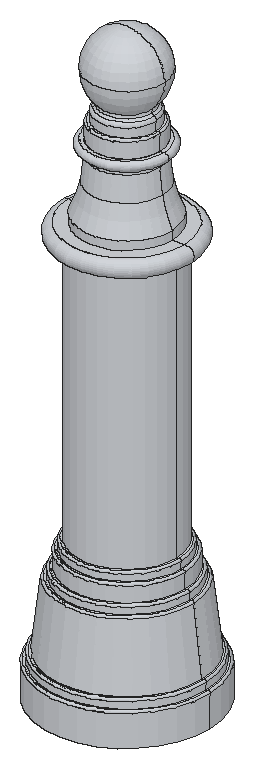
Revit family
Parameters (values of type "SBS 001.5")
  Width = 1' - 2"
  URL = "www.strombergarchitectural.com"
  Top Material = GFRC
  Submittal Sheet = "www.strombergarchitectural.com/images/materials/gfrc/submittal/gfrc-submittal-sheet.pdf"
  Specifications = "www.strombergarchitectural.com/gfrcspecifications"
  Model Cut-sheet = "www.strombergarchitectural.com/products/bollards/design/SBS-001"
  Model = "SBS 001"
  Manufacturer = "Stromberg Architectural Products"
  Guidebook = "www.strombergarchitectural.com/images/materials/gfrc/handbooks/gfrc_guidebook.pdf"
  Frame Material = none
  Description = "GFRC Bollard"
  Assembly Code = ""
  Height = 4' - 0"
  XXX.5 = yes
  XXX.4 = no
  XXX.3 = no
  XXX.2 = no
  XXX.1 = no
Types (6): name | Width | Guidebook | Height | XXX.5 | XXX.4 | XXX.3 | XXX.2 | XXX.1
  (no name) | 1' - 2" | "www.strombergarchitectural.com/images/materials/gfrc/handbooks/gfrc_guidebook.pdf" | 4' - 0" | yes | no | no | no | no
  SBS 001.3 | 0' - 10" | "www.strombergarchitectural.com/images/materials/gfrc/handbooks/gfrc_guidebook.pdf" | 3' - 0" | no | no | yes | no | no
  SBS 001.1 | 0' - 7" | "www.strombergarchitectural.com/images/materials/gfrc/handbooks/gfrc_guidebook.pdf   \r\n(http://www.strombergarchitectural.com/images/materials/gfrc/handbooks/gfrc_guidebook.pdf" | 2' - 0" | no | no | no | no | yes
  SBS 001.2 | 0' - 9" | "www.strombergarchitectural.com/images/materials/gfrc/handbooks/gfrc_guidebook.pdf" | 2' - 6" | no | no | no | yes | no
  SBS 001.4 | 1' - 0" | "www.strombergarchitectural.com/images/materials/gfrc/handbooks/gfrc_guidebook.pdf" | 3' - 6" | no | yes | no | no | no
  SBS 001.5 | 1' - 2" | "www.strombergarchitectural.com/images/materials/gfrc/handbooks/gfrc_guidebook.pdf" | 4' - 0" | yes | no | no | no | no
Reference planes (in)
  plane 1 "Center (Front/Back)": y = 3.74847
  plane 2: z = 0
  plane 3 "Center (Left/Right)": x = 0.7278
  plane 4 "Front": y = -3.25153
  plane 5 "Back": y = 10.74847
Forms (in)
  Revolve 1, solid, visible <- "XXX.1"
    sketch origin (0, 3.74847, 0) x (1, 0, 0) y (0, 0, 1)
      loop
        arc (0.7278, 23.99856) -> (-0.3328, 23.55925) -> (-0.77211, 22.49865) r 1.49991
        arc (-0.77211, 22.49865) -> (-0.64348, 21.89092) -> (-0.27964, 21.38743) r 1.49991
        arc (-0.27964, 21.38743) -> (-0.27223, 21.3258) -> (-0.28332, 21.26472) r 0.20832
        arc (-0.28332, 21.26472) -> (-0.31191, 21.20963) -> (-0.35547, 21.1654) r 0.20832
        arc (-0.35547, 21.1654) -> (-0.4168, 21.0919) -> (-0.4388, 20.99874) r 0.20832
        line (-0.4388, 20.99874) -> (-0.4388, 20.66543) -> (-0.53879, 20.66543)
        arc (-0.53879, 20.66543) -> (-0.58593, 20.6459) -> (-0.60545, 20.59876) r 0.06666
        line (-0.60545, 20.59876) -> (-0.60545, 19.9988) -> (-0.64382, 19.9988) -> (-0.77211, 19.9988)
        arc (-0.77211, 19.9988) -> (-0.93877, 19.83214) -> (-0.77211, 19.66549) r 0.16666
        line (-0.77211, 19.66549) -> (-0.60545, 19.66549) -> (-0.60545, 19.4221)
        arc (-0.60545, 19.4221) -> (-0.63931, 18.94312) -> (-0.71783, 18.4694) r 5.12765
        arc (-0.71783, 18.4694) -> (-0.87821, 17.88946) -> (-1.10542, 17.33229) r 5.12765
        line (-1.10542, 17.33229) -> (-1.10542, 16.99898) -> (-1.60539, 16.99898)
        arc (-1.60539, 16.99898) -> (-1.93871, 16.66567) -> (-1.60539, 16.33235) r 0.33331
        line (-1.60539, 16.33235) -> (-1.27208, 16.33235) -> (-1.27208, 5.66633) -> (-1.35874, 5.66633)
        arc (-1.35874, 5.66633) -> (-1.41531, 5.6429) -> (-1.43874, 5.58633) r 0.08
        line (-1.43874, 5.58633) -> (-1.43874, 5.33301) -> (-1.5254, 5.33301)
        arc (-1.5254, 5.33301) -> (-1.58196, 5.30958) -> (-1.60539, 5.25302) r 0.08
        line (-1.60539, 5.25302) -> (-1.60539, 4.66639) -> (-1.69205, 4.66639)
        arc (-1.69205, 4.66639) -> (-1.74862, 4.64296) -> (-1.77205, 4.58639) r 0.08
        line (-1.77205, 4.58639) -> (-1.77205, 4.33307) -> (-1.86809, 4.33307)
        arc (-1.86809, 4.33307) -> (-1.92103, 4.31305) -> (-1.94747, 4.263) r 0.08
        line (-1.94747, 4.263) -> (-2.27202, 1.66657) -> (-2.35868, 1.66657)
        arc (-2.35868, 1.66657) -> (-2.41525, 1.64314) -> (-2.43868, 1.58657) r 0.08
        line (-2.43868, 1.58657) -> (-2.43868, 1.33325) -> (-2.52534, 1.33325)
        arc (-2.52534, 1.33325) -> (-2.5819, 1.30982) -> (-2.60533, 1.25326) r 0.08
        line (-2.60533, 1.25326) -> (-2.60533, 0) -> (0.7278, 0) -> (0.7278, 23.99856)
      axis (0.7278, 23.99856) -> (0.7278, 0)
    angle from 0 to 360
  Revolve 2, solid, visible <- "XXX.2"
    sketch origin (0, 3.74847, 0) x (1, 0, 0) y (0, 0, 1)
      loop
        arc (0.7278, 30.02896) -> (-0.5993, 29.47926) -> (-1.14901, 28.15215) r 1.87681
        arc (-1.14901, 28.15215) -> (-0.98805, 27.39171) -> (-0.53279, 26.76171) r 1.87681
        arc (-0.53279, 26.76171) -> (-0.52352, 26.68459) -> (-0.5374, 26.60816) r 0.26067
        arc (-0.5374, 26.60816) -> (-0.57317, 26.53922) -> (-0.62767, 26.48388) r 0.26067
        arc (-0.62767, 26.48388) -> (-0.70442, 26.39192) -> (-0.73194, 26.27534) r 0.26067
        line (-0.73194, 26.27534) -> (-0.73194, 25.85827) -> (-0.85706, 25.85827)
        arc (-0.85706, 25.85827) -> (-0.91604, 25.83384) -> (-0.94048, 25.77486) r 0.08341
        line (-0.94048, 25.77486) -> (-0.94048, 25.02414) -> (-0.98848, 25.02414) -> (-1.14901, 25.02414)
        arc (-1.14901, 25.02414) -> (-1.35754, 24.8156) -> (-1.14901, 24.60707) r 0.20853
        line (-1.14901, 24.60707) -> (-0.94048, 24.60707) -> (-0.94048, 24.30252)
        arc (-0.94048, 24.30252) -> (-0.98284, 23.70318) -> (-1.08109, 23.11043) r 6.41613
        arc (-1.08109, 23.11043) -> (-1.28177, 22.38475) -> (-1.56608, 21.68758) r 6.41613
        line (-1.56608, 21.68758) -> (-1.56608, 21.27052) -> (-2.19168, 21.27052)
        arc (-2.19168, 21.27052) -> (-2.60875, 20.85345) -> (-2.19168, 20.43638) r 0.41707
        line (-2.19168, 20.43638) -> (-1.77461, 20.43638) -> (-1.77461, 7.09017) -> (-1.88305, 7.09017)
        arc (-1.88305, 7.09017) -> (-1.95383, 7.06085) -> (-1.98315, 6.99008) r 0.1001
        line (-1.98315, 6.99008) -> (-1.98315, 6.6731) -> (-2.09159, 6.6731)
        arc (-2.09159, 6.6731) -> (-2.16236, 6.64379) -> (-2.19168, 6.57301) r 0.1001
        line (-2.19168, 6.57301) -> (-2.19168, 5.83896) -> (-2.30012, 5.83896)
        arc (-2.30012, 5.83896) -> (-2.3709, 5.80965) -> (-2.40022, 5.73887) r 0.1001
        line (-2.40022, 5.73887) -> (-2.40022, 5.4219) -> (-2.52039, 5.4219)
        arc (-2.52039, 5.4219) -> (-2.58663, 5.39684) -> (-2.61971, 5.33421) r 0.1001
        line (-2.61971, 5.33421) -> (-3.02582, 2.08534) -> (-3.13426, 2.08534)
        arc (-3.13426, 2.08534) -> (-3.20504, 2.05603) -> (-3.23435, 1.98525) r 0.1001
        line (-3.23435, 1.98525) -> (-3.23435, 1.66828) -> (-3.34279, 1.66828)
        arc (-3.34279, 1.66828) -> (-3.41357, 1.63896) -> (-3.44289, 1.56818) r 0.1001
        line (-3.44289, 1.56818) -> (-3.44289, 0) -> (0.7278, 0) -> (0.7278, 30.02896)
      axis (0.7278, 30.02896) -> (0.7278, 0)
    angle from 0 to 360
  Revolve 3, solid, visible <- "XXX.3"
    sketch origin (0, 3.74847, 0) x (1, 0, 0) y (0, 0, 1)
      loop
        arc (0.7278, 36) -> (-0.86319, 35.34099) -> (-1.5222, 33.75) r 2.25
        arc (-1.5222, 33.75) -> (-1.32924, 32.83835) -> (-0.78344, 32.08307) r 2.25
        arc (-0.78344, 32.08307) -> (-0.77234, 31.99062) -> (-0.78897, 31.899) r 0.3125
        arc (-0.78897, 31.899) -> (-0.83186, 31.81635) -> (-0.8972, 31.75) r 0.3125
        arc (-0.8972, 31.75) -> (-0.98921, 31.63975) -> (-1.0222, 31.5) r 0.3125
        line (-1.0222, 31.5) -> (-1.0222, 31) -> (-1.1722, 31)
        arc (-1.1722, 31) -> (-1.24291, 30.97071) -> (-1.2722, 30.9) r 0.1
        line (-1.2722, 30.9) -> (-1.2722, 30) -> (-1.32975, 30) -> (-1.5222, 30)
        arc (-1.5222, 30) -> (-1.7722, 29.75) -> (-1.5222, 29.5) r 0.25
        line (-1.5222, 29.5) -> (-1.2722, 29.5) -> (-1.2722, 29.1349)
        arc (-1.2722, 29.1349) -> (-1.32299, 28.41638) -> (-1.44078, 27.70577) r 7.69193
        arc (-1.44078, 27.70577) -> (-1.68136, 26.8358) -> (-2.0222, 26) r 7.69193
        line (-2.0222, 26) -> (-2.0222, 25.5) -> (-2.7722, 25.5)
        arc (-2.7722, 25.5) -> (-3.2722, 25) -> (-2.7722, 24.5) r 0.5
        line (-2.7722, 24.5) -> (-2.2722, 24.5) -> (-2.2722, 8.5) -> (-2.4022, 8.5)
        arc (-2.4022, 8.5) -> (-2.48705, 8.46485) -> (-2.5222, 8.38) r 0.12
        line (-2.5222, 8.38) -> (-2.5222, 8) -> (-2.6522, 8)
        arc (-2.6522, 8) -> (-2.73705, 7.96485) -> (-2.7722, 7.88) r 0.12
        line (-2.7722, 7.88) -> (-2.7722, 7) -> (-2.9022, 7)
        arc (-2.9022, 7) -> (-2.98705, 6.96485) -> (-3.0222, 6.88) r 0.12
        line (-3.0222, 6.88) -> (-3.0222, 6.5) -> (-3.16627, 6.5)
        arc (-3.16627, 6.5) -> (-3.24568, 6.46996) -> (-3.28534, 6.39488) r 0.12
        line (-3.28534, 6.39488) -> (-3.7722, 2.5) -> (-3.9022, 2.5)
        arc (-3.9022, 2.5) -> (-3.98705, 2.46485) -> (-4.0222, 2.38) r 0.12
        line (-4.0222, 2.38) -> (-4.0222, 2) -> (-4.1522, 2)
        arc (-4.1522, 2) -> (-4.23705, 1.96485) -> (-4.2722, 1.88) r 0.12
        line (-4.2722, 1.88) -> (-4.2722, 0) -> (0.7278, 0) -> (0.7278, 36)
      axis (0.7278, 36) -> (0.7278, 0)
    angle from 0 to 360
  Revolve 4, solid, visible <- "XXX.4"
    sketch origin (0, 3.74847, 0) x (1, 0, 0) y (0, 0, 1)
      loop
        arc (0.7278, 41.99999) -> (-1.12835, 41.23115) -> (-1.8972, 39.37499) r 2.625
        arc (-1.8972, 39.37499) -> (-1.67208, 38.31141) -> (-1.03532, 37.43025) r 2.625
        arc (-1.03532, 37.43025) -> (-1.02236, 37.32238) -> (-1.04177, 37.21549) r 0.36458
        arc (-1.04177, 37.21549) -> (-1.0918, 37.11906) -> (-1.16803, 37.04166) r 0.36458
        arc (-1.16803, 37.04166) -> (-1.27538, 36.91304) -> (-1.31387, 36.74999) r 0.36458
        line (-1.31387, 36.74999) -> (-1.31387, 36.16666) -> (-1.48887, 36.16666)
        arc (-1.48887, 36.16666) -> (-1.57136, 36.13249) -> (-1.60553, 36.04999) r 0.11667
        line (-1.60553, 36.04999) -> (-1.60553, 34.99999) -> (-1.67267, 34.99999) -> (-1.8972, 34.99999)
        arc (-1.8972, 34.99999) -> (-2.18887, 34.70833) -> (-1.8972, 34.41666) r 0.29167
        line (-1.8972, 34.41666) -> (-1.60553, 34.41666) -> (-1.60553, 33.99071)
        arc (-1.60553, 33.99071) -> (-1.66479, 33.15244) -> (-1.8022, 32.32339) r 8.97392
        arc (-1.8022, 32.32339) -> (-2.08289, 31.30842) -> (-2.48053, 30.33333) r 8.97392
        line (-2.48053, 30.33333) -> (-2.48053, 29.74999) -> (-3.35553, 29.74999)
        arc (-3.35553, 29.74999) -> (-3.93887, 29.16666) -> (-3.35553, 28.58333) r 0.58333
        line (-3.35553, 28.58333) -> (-2.7722, 28.58333) -> (-2.7722, 9.91666) -> (-2.92387, 9.91666)
        arc (-2.92387, 9.91666) -> (-3.02286, 9.87566) -> (-3.06387, 9.77667) r 0.14
        line (-3.06387, 9.77667) -> (-3.06387, 9.33333) -> (-3.21553, 9.33333)
        arc (-3.21553, 9.33333) -> (-3.31453, 9.29233) -> (-3.35553, 9.19333) r 0.14
        line (-3.35553, 9.19333) -> (-3.35553, 8.16667) -> (-3.5072, 8.16667)
        arc (-3.5072, 8.16667) -> (-3.60619, 8.12566) -> (-3.6472, 8.02667) r 0.14
        line (-3.6472, 8.02667) -> (-3.6472, 7.58333) -> (-3.81528, 7.58333)
        arc (-3.81528, 7.58333) -> (-3.90793, 7.54829) -> (-3.95419, 7.4607) r 0.14
        line (-3.95419, 7.4607) -> (-4.5222, 2.91667) -> (-4.67387, 2.91667)
        arc (-4.67387, 2.91667) -> (-4.77286, 2.87566) -> (-4.81387, 2.77667) r 0.14
        line (-4.81387, 2.77667) -> (-4.81387, 2.33333) -> (-4.96553, 2.33333)
        arc (-4.96553, 2.33333) -> (-5.06453, 2.29233) -> (-5.10553, 2.19333) r 0.14
        line (-5.10553, 2.19333) -> (-5.10553, 0) -> (0.7278, 0) -> (0.7278, 41.99999)
      axis (0.7278, 41.99999) -> (0.7278, 0)
    angle from 0 to 360
  Revolve 5, solid, visible <- "XXX.5"
    sketch origin (0, 3.74847, 0) x (1, 0, 0) y (0, 0, 1)
      loop
        arc (0.7278, 47.9981) -> (-1.39344, 47.11946) -> (-2.27208, 44.99822) r 2.99988
        arc (-2.27208, 44.99822) -> (-2.01481, 43.78274) -> (-1.28711, 42.77574) r 2.99988
        arc (-1.28711, 42.77574) -> (-1.27231, 42.65248) -> (-1.29448, 42.53032) r 0.41665
        arc (-1.29448, 42.53032) -> (-1.35167, 42.42012) -> (-1.43878, 42.33166) r 0.41665
        arc (-1.43878, 42.33166) -> (-1.56145, 42.18467) -> (-1.60544, 41.99834) r 0.41665
        line (-1.60544, 41.99834) -> (-1.60544, 41.3317) -> (-1.80543, 41.3317)
        arc (-1.80543, 41.3317) -> (-1.89971, 41.29265) -> (-1.93876, 41.19837) r 0.13333
        line (-1.93876, 41.19837) -> (-1.93876, 39.99842) -> (-2.01549, 39.99842) -> (-2.27208, 39.99842)
        arc (-2.27208, 39.99842) -> (-2.6054, 39.6651) -> (-2.27208, 39.33178) r 0.33332
        line (-2.27208, 39.33178) -> (-1.93876, 39.33178) -> (-1.93876, 38.845)
        arc (-1.93876, 38.845) -> (-2.00648, 37.88701) -> (-2.16352, 36.93956) r 10.25551
        arc (-2.16352, 36.93956) -> (-2.48429, 35.77965) -> (-2.93872, 34.6653) r 10.25551
        line (-2.93872, 34.6653) -> (-2.93872, 33.99866) -> (-3.93868, 33.99866)
        arc (-3.93868, 33.99866) -> (-4.60532, 33.33202) -> (-3.93868, 32.66538) r 0.66664
        line (-3.93868, 32.66538) -> (-3.27204, 32.66538) -> (-3.27204, 11.33289) -> (-3.44537, 11.33289)
        arc (-3.44537, 11.33289) -> (-3.5585, 11.28602) -> (-3.60536, 11.17289) r 0.15999
        line (-3.60536, 11.17289) -> (-3.60536, 10.66625) -> (-3.77869, 10.66625)
        arc (-3.77869, 10.66625) -> (-3.89182, 10.61938) -> (-3.93868, 10.50625) r 0.15999
        line (-3.93868, 10.50625) -> (-3.93868, 9.33296) -> (-4.11201, 9.33296)
        arc (-4.11201, 9.33296) -> (-4.22514, 9.2861) -> (-4.272, 9.17297) r 0.15999
        line (-4.272, 9.17297) -> (-4.272, 8.66632) -> (-4.46408, 8.66632)
        arc (-4.46408, 8.66632) -> (-4.56997, 8.62627) -> (-4.62284, 8.52618) r 0.15999
        line (-4.62284, 8.52618) -> (-5.27196, 3.3332) -> (-5.44529, 3.3332)
        arc (-5.44529, 3.3332) -> (-5.55842, 3.28634) -> (-5.60528, 3.17321) r 0.15999
        line (-5.60528, 3.17321) -> (-5.60528, 2.66656) -> (-5.77861, 2.66656)
        arc (-5.77861, 2.66656) -> (-5.89174, 2.6197) -> (-5.9386, 2.50657) r 0.15999
        line (-5.9386, 2.50657) -> (-5.9386, 0) -> (0.7278, 0) -> (0.7278, 47.9981)
      axis (0.7278, 47.9981) -> (0.7278, 0)
    angle from 0 to 360
Dimensions and locks (in)
  aligned and locked: level to plane 2
